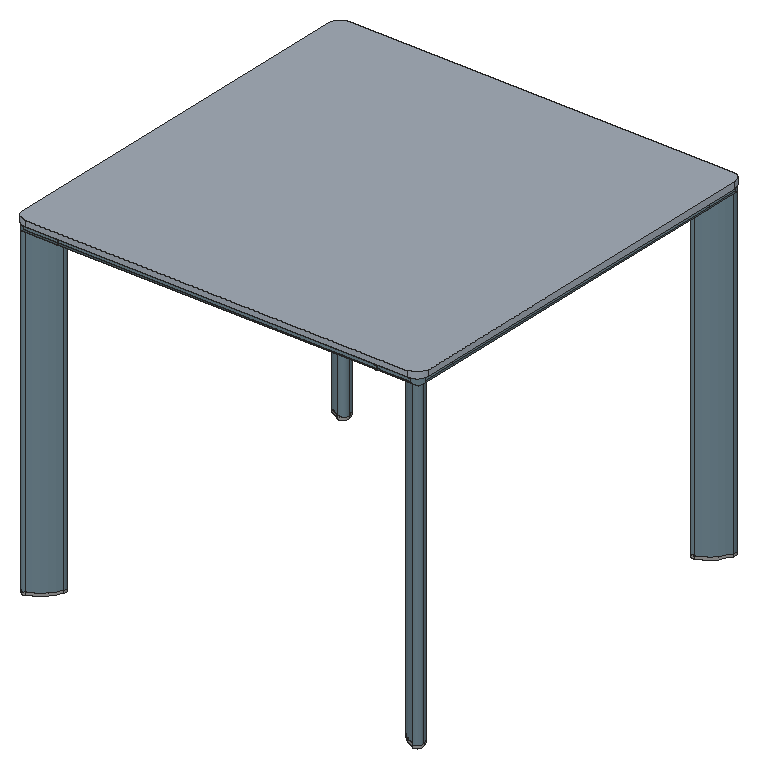
Revit family "FU_Table_Sandler_Laminar 0909", category Furniture, Revit 2020
Family settings
  OmniClass Number = 23.40.20.00
  OmniClass Title = General Furniture and Specialties
  Work Plane-Based = No
  Always vertical = Yes
  Cut with Voids When Loaded = No
  Shared = No
  Room Calculation Point = No
Parameters (values of type "Laminar 0909 (Dining Height)")
  Width = 900 mm
  URL = "https://www.sandlerseating.com/product/laminar-0909/"
  Top [instance] = Lacquer - W2 - B44
  Model = "Laminar 0909"
  Manufacturer = "Sandler"
  Height = 750 mm
  Frame [instance] = Epoxy - M2_B40
  Description = "90cm x 90cm / 36″ x 36″ table on epoxy painted frame."
  Depth = Width  # 900 mm
  Default Elevation = 0 mm
Types (4, lengths in mm): name | Top | Height | Frame
  (no name) | Lacquer - W2 - B44 | 750 | Epoxy - M2_B40
  Laminar 0909 (Dining Height) | Lacquer - W2 - B44 | 750 | Epoxy - M2_B40
  Laminar 0909 (Counter Height) | Wood - Oak - Wenge | 900 | Epoxy - M2_V16
  Laminar 0909 (Bar Height) | HPL - Solid - White | 1050 | Epoxy - M1_B00 - Black
Reference planes
  plane 1 "Center (Front/Back)": y = 0
  plane 2: z = 0
  plane 3 "Center (Left/Right)": x = 0
  plane 4 "Right": x = -450
  plane 5 "Left": x = 450
  plane 6 "Back": y = 450
  plane 7 "Front": y = -450
  plane 8 "Height": z = 750
  plane 9 "Top Frame Base": z = 737
  plane 10 "Frame Edge Right TOP": x = -355
  plane 11 "Frame Edge Left TOP": x = 355
  plane 12 "Frame Edge Front TOP": y = -355
  plane 13 "Frame Edge Back TOP": y = 355
  plane 14 "Right Leg C TOP": x = -412.984
  plane 15 "Back Leg C TOP": y = 412.984
  plane 16 "Front Leg C TOP": y = -412.984
  plane 17 "Left C TOP": x = 412.984
  plane 18 "Glide Height": z = 6
  plane 19 "Frame Base FRONT": z = 696.108
Forms (mm)
  Extrusion 1, solid, material "Lacquer - W2 - B44" <- "Top"
    sketch origin (0, 0, 750) x (-1, 0, 0) y (0, -1, 0)
      loop
        arc (425, -450) -> (442.678, -442.678) -> (450, -425) r 25
        line (450, -425) -> (450, 425)
        arc (450, 425) -> (442.678, 442.678) -> (425, 450) r 25
        line (425, 450) -> (-425, 450)
        arc (-425, 450) -> (-442.678, 442.678) -> (-450, 425) r 25
        line (-450, 425) -> (-450, -425)
        arc (-450, -425) -> (-442.678, -442.678) -> (-425, -450) r 25
        line (-425, -450) -> (425, -450)
    from 0 to -13
  Sweep 2, solid, material "Epoxy - M2_B40" <- "Frame"
    path origin (0, 0, 737) x (-1, 0, 0) y (0, -1, 0)
      loop
        line (-355, 450) -> (355, 450)
    profile "Pro_Laminar_Frame : Pro_Laminar_Frame" origin (0, -450, 737) x (0, -1, 0) y (0, 0, 1)
      loop
        arc (-78.25, 0) -> (-78.959, -0.294) -> (-79.252, -1.003) r 1.003
        line (-79.252, -1.003) -> (-79.252, -40.038)
        arc (-79.252, -40.038) -> (-78.971, -40.718) -> (-78.29, -41) r 0.962
        line (-78.29, -41) -> (-56.47, -41)
        arc (-56.47, -41) -> (-49.536, -40.019) -> (-43.146, -37.154) r 25
        line (-43.146, -37.154) -> (-3.835, -12.393)
        arc (-3.835, -12.393) -> (-2.123, -10.579) -> (-1.5, -8.162) r 5
        line (-1.5, -8.162) -> (-1.5, -0.534)
        arc (-1.5, -0.534) -> (-1.656, -0.156) -> (-2.034, 0) r 0.534
        line (-2.034, 0) -> (-78.25, 0)
  Sweep 3, solid, material "Epoxy - M2_B40" <- "Frame"
    path origin (0, 0, 737) x (-1, 0, 0) y (0, -1, 0)
      loop
        line (450, 355) -> (450, -355)
    profile "Pro_Laminar_Frame : Pro_Laminar_Frame" origin (-450, 0, 737) x (-1, 0, 0) y (0, 0, 1)
      loop
        arc (-78.25, 0) -> (-78.959, -0.294) -> (-79.252, -1.003) r 1.003
        line (-79.252, -1.003) -> (-79.252, -40.038)
        arc (-79.252, -40.038) -> (-78.971, -40.718) -> (-78.29, -41) r 0.962
        line (-78.29, -41) -> (-56.47, -41)
        arc (-56.47, -41) -> (-49.536, -40.019) -> (-43.146, -37.154) r 25
        line (-43.146, -37.154) -> (-3.835, -12.393)
        arc (-3.835, -12.393) -> (-2.123, -10.579) -> (-1.5, -8.162) r 5
        line (-1.5, -8.162) -> (-1.5, -0.534)
        arc (-1.5, -0.534) -> (-1.656, -0.156) -> (-2.034, 0) r 0.534
        line (-2.034, 0) -> (-78.25, 0)
  Sweep 4, solid, material "Epoxy - M2_B40" <- "Frame"
    path origin (0, 0, 737) x (-1, 0, 0) y (0, -1, 0)
      loop
        line (355, -450) -> (-355, -450)
    profile "Pro_Laminar_Frame : Pro_Laminar_Frame" origin (0, 450, 737) x (0, 1, 0) y (0, 0, 1)
      loop
        arc (-78.25, 0) -> (-78.959, -0.294) -> (-79.252, -1.003) r 1.003
        line (-79.252, -1.003) -> (-79.252, -40.038)
        arc (-79.252, -40.038) -> (-78.971, -40.718) -> (-78.29, -41) r 0.962
        line (-78.29, -41) -> (-56.47, -41)
        arc (-56.47, -41) -> (-49.536, -40.019) -> (-43.146, -37.154) r 25
        line (-43.146, -37.154) -> (-3.835, -12.393)
        arc (-3.835, -12.393) -> (-2.123, -10.579) -> (-1.5, -8.162) r 5
        line (-1.5, -8.162) -> (-1.5, -0.534)
        arc (-1.5, -0.534) -> (-1.656, -0.156) -> (-2.034, 0) r 0.534
        line (-2.034, 0) -> (-78.25, 0)
  Sweep 5, solid, material "Epoxy - M2_B40" <- "Frame"
    path origin (0, 0, 737) x (-1, 0, 0) y (0, -1, 0)
      loop
        line (-450, 355) -> (-450, -355)
    profile "Pro_Laminar_Frame : Pro_Laminar_Frame" origin (450, 0, 737) x (-1, 0, 0) y (0, 0, 1)
      loop
        line (78.25, 0) -> (2.034, 0)
        arc (2.034, 0) -> (1.656, -0.156) -> (1.5, -0.534) r 0.534
        line (1.5, -0.534) -> (1.5, -8.162)
        arc (1.5, -8.162) -> (2.123, -10.579) -> (3.835, -12.393) r 5
        line (3.835, -12.393) -> (43.146, -37.154)
        arc (43.146, -37.154) -> (49.536, -40.019) -> (56.47, -41) r 25
        line (56.47, -41) -> (78.29, -41)
        arc (78.29, -41) -> (78.971, -40.718) -> (79.252, -40.038) r 0.962
        line (79.252, -40.038) -> (79.252, -1.003)
        arc (79.252, -1.003) -> (78.959, -0.294) -> (78.25, 0) r 1.003
  Sweep 6, solid, material "Epoxy - M2_B40" <- "Frame"
    path origin (0, 412.984, 0) x (1, 0, 0) y (0, 0, 1)
      loop
        line (-412.984, 6) -> (-412.984, 737)
    profile "Pro_Laminar_Leg : Pro_Laminar_Leg" origin (-412.984, 412.984, 371.5) x (-1, 0, 0) y (0, -1, 0)
      loop
        arc (-16.792, 30.86) -> (-28.302, 28.302) -> (-30.86, 16.792) r 10.982
        arc (-30.86, 16.792) -> (-12.33, -12.33) -> (16.792, -30.86) r 79.547
        arc (16.792, -30.86) -> (28.302, -28.302) -> (30.86, -16.792) r 10.982
        arc (30.86, -16.792) -> (12.33, 12.33) -> (-16.792, 30.86) r 79.547
  Sweep 7, solid, material "Epoxy - M2_B40" <- "Frame"
    path origin (0, -412.984, 0) x (1, 0, 0) y (0, 0, 1)
      loop
        line (-412.984, 6) -> (-412.984, 737)
    profile "Pro_Laminar_Leg : Pro_Laminar_Leg" origin (-412.984, -412.984, 371.5) x (-1, 0, 0) y (0, -1, 0)
      loop
        arc (-30.86, -16.792) -> (-28.302, -28.302) -> (-16.792, -30.86) r 10.982
        arc (-16.792, -30.86) -> (12.33, -12.33) -> (30.86, 16.792) r 79.547
        arc (30.86, 16.792) -> (28.302, 28.302) -> (16.792, 30.86) r 10.982
        arc (16.792, 30.86) -> (-12.33, 12.33) -> (-30.86, -16.792) r 79.547
  Sweep 8, solid, material "Epoxy - M2_B40" <- "Frame"
    path origin (0, -412.984, 0) x (1, 0, 0) y (0, 0, 1)
      loop
        line (412.984, 6) -> (412.984, 737)
    profile "Pro_Laminar_Leg : Pro_Laminar_Leg" origin (412.984, -412.984, 371.5) x (-1, 0, 0) y (0, -1, 0)
      loop
        arc (-16.792, 30.86) -> (-28.302, 28.302) -> (-30.86, 16.792) r 10.982
        arc (-30.86, 16.792) -> (-12.33, -12.33) -> (16.792, -30.86) r 79.547
        arc (16.792, -30.86) -> (28.302, -28.302) -> (30.86, -16.792) r 10.982
        arc (30.86, -16.792) -> (12.33, 12.33) -> (-16.792, 30.86) r 79.547
  Sweep 9, solid, material "Epoxy - M2_B40" <- "Frame"
    path origin (0, 412.984, 0) x (1, 0, 0) y (0, 0, 1)
      loop
        line (412.984, 6) -> (412.984, 737)
    profile "Pro_Laminar_Leg : Pro_Laminar_Leg" origin (412.984, 412.984, 371.5) x (-1, 0, 0) y (0, -1, 0)
      loop
        arc (-30.86, -16.792) -> (-28.302, -28.302) -> (-16.792, -30.86) r 10.982
        arc (-16.792, -30.86) -> (12.33, -12.33) -> (30.86, 16.792) r 79.547
        arc (30.86, 16.792) -> (28.302, 28.302) -> (16.792, 30.86) r 10.982
        arc (16.792, 30.86) -> (-12.33, 12.33) -> (-30.86, -16.792) r 79.547
  Sweep 10, solid, material "Rubber, Black"
    path origin (0, 412.984, 0) x (1, 0, 0) y (0, 0, 1)
      loop
        line (412.984, 0) -> (412.984, 6)
    profile "Pro_Laminar_Leg : Pro_Laminar_Leg" origin (412.984, 412.984, 3) x (-1, 0, 0) y (0, -1, 0)
      loop
        arc (-30.86, -16.792) -> (-28.302, -28.302) -> (-16.792, -30.86) r 10.982
        arc (-16.792, -30.86) -> (12.33, -12.33) -> (30.86, 16.792) r 79.547
        arc (30.86, 16.792) -> (28.302, 28.302) -> (16.792, 30.86) r 10.982
        arc (16.792, 30.86) -> (-12.33, 12.33) -> (-30.86, -16.792) r 79.547
  Sweep 11, solid, material "Rubber, Black"
    path origin (0, 412.984, 0) x (1, 0, 0) y (0, 0, 1)
      loop
        line (-412.984, 0) -> (-412.984, 6)
    profile "Pro_Laminar_Leg : Pro_Laminar_Leg" origin (-412.984, 412.984, 3) x (-1, 0, 0) y (0, -1, 0)
      loop
        arc (-16.792, 30.86) -> (-28.302, 28.302) -> (-30.86, 16.792) r 10.982
        arc (-30.86, 16.792) -> (-12.33, -12.33) -> (16.792, -30.86) r 79.547
        arc (16.792, -30.86) -> (28.302, -28.302) -> (30.86, -16.792) r 10.982
        arc (30.86, -16.792) -> (12.33, 12.33) -> (-16.792, 30.86) r 79.547
  Sweep 12, solid, material "Rubber, Black"
    path origin (0, -412.984, 0) x (1, 0, 0) y (0, 0, 1)
      loop
        line (-412.984, 0) -> (-412.984, 6)
    profile "Pro_Laminar_Leg : Pro_Laminar_Leg" origin (-412.984, -412.984, 3) x (-1, 0, 0) y (0, -1, 0)
      loop
        arc (-30.86, -16.792) -> (-28.302, -28.302) -> (-16.792, -30.86) r 10.982
        arc (-16.792, -30.86) -> (12.33, -12.33) -> (30.86, 16.792) r 79.547
        arc (30.86, 16.792) -> (28.302, 28.302) -> (16.792, 30.86) r 10.982
        arc (16.792, 30.86) -> (-12.33, 12.33) -> (-30.86, -16.792) r 79.547
  Sweep 13, solid, material "Rubber, Black"
    path origin (0, -412.984, 0) x (1, 0, 0) y (0, 0, 1)
      loop
        line (412.984, 0) -> (412.984, 6)
    profile "Pro_Laminar_Leg : Pro_Laminar_Leg" origin (412.984, -412.984, 3) x (-1, 0, 0) y (0, -1, 0)
      loop
        arc (-16.792, 30.86) -> (-28.302, 28.302) -> (-30.86, 16.792) r 10.982
        arc (-30.86, 16.792) -> (-12.33, -12.33) -> (16.792, -30.86) r 79.547
        arc (16.792, -30.86) -> (28.302, -28.302) -> (30.86, -16.792) r 10.982
        arc (30.86, -16.792) -> (12.33, 12.33) -> (-16.792, 30.86) r 79.547
  Sweep 14, solid, material "Epoxy - M2_B40" <- "Frame"
    path origin (0, 0, 737) x (-1, 0, 0) y (0, -1, 0)
      loop
        line (-355, 448.5) -> (-448.5, 448.5) -> (-448.5, 355)
    profile "Pro_Laminar_Frame : Pro_Laminar_Frame" origin (401.75, -448.5, 737) x (0, 1, 0) y (0, 0, 1)
      loop
        line (76.75, 0) -> (0.534, 0)
        arc (0.534, 0) -> (0.156, -0.156) -> (0, -0.534) r 0.534
        line (0, -0.534) -> (0, -8.162)
        arc (0, -8.162) -> (0.623, -10.579) -> (2.335, -12.393) r 5
        line (2.335, -12.393) -> (41.646, -37.154)
        arc (41.646, -37.154) -> (48.036, -40.019) -> (54.97, -41) r 25
        line (54.97, -41) -> (76.79, -41)
        arc (76.79, -41) -> (77.471, -40.718) -> (77.752, -40.038) r 0.962
        line (77.752, -40.038) -> (77.752, -1.003)
        arc (77.752, -1.003) -> (77.459, -0.294) -> (76.75, 0) r 1.003
  Extrusion 15, void
    sketch origin (0, 0, 737) x (-1, 0, 0) y (0, -1, 0)
      loop
        line (-424.12, 449.12) -> (-424.12, 464.12) -> (-464.12, 464.12) -> (-464.12, 424.12) -> (-449.12, 424.12)
        arc (-449.12, 424.12) -> (-441.798, 441.798) -> (-424.12, 449.12) r 25
    from -40.892 to 13
  Sweep 16, solid, material "Epoxy - M2_B40" <- "Frame"
    path origin (0, 0, 737) x (1, 0, 0) y (0, -1, 0)
      loop
        line (-355, 448.5) -> (-448.5, 448.5) -> (-448.5, 355)
    profile "Pro_Laminar_Frame : Pro_Laminar_Frame" origin (-401.75, -448.5, 737) x (0, -1, 0) y (0, 0, 1)
      loop
        arc (-76.75, 0) -> (-77.459, -0.294) -> (-77.752, -1.003) r 1.003
        line (-77.752, -1.003) -> (-77.752, -40.038)
        arc (-77.752, -40.038) -> (-77.471, -40.718) -> (-76.79, -41) r 0.962
        line (-76.79, -41) -> (-54.97, -41)
        arc (-54.97, -41) -> (-48.036, -40.019) -> (-41.646, -37.154) r 25
        line (-41.646, -37.154) -> (-2.335, -12.393)
        arc (-2.335, -12.393) -> (-0.623, -10.579) -> (0, -8.162) r 5
        line (0, -8.162) -> (0, -0.534)
        arc (0, -0.534) -> (-0.156, -0.156) -> (-0.534, 0) r 0.534
        line (-0.534, 0) -> (-76.75, 0)
  Sweep 17, solid, material "Epoxy - M2_B40" <- "Frame"
    path origin (0, 0, 737) x (1, 0, 0) y (0, 1, 0)
      loop
        line (-355, 448.5) -> (-448.5, 448.5) -> (-448.5, 355)
    profile "Pro_Laminar_Frame : Pro_Laminar_Frame" origin (-401.75, 448.5, 737) x (0, -1, 0) y (0, 0, 1)
      loop
        line (76.75, 0) -> (0.534, 0)
        arc (0.534, 0) -> (0.156, -0.156) -> (0, -0.534) r 0.534
        line (0, -0.534) -> (0, -8.162)
        arc (0, -8.162) -> (0.623, -10.579) -> (2.335, -12.393) r 5
        line (2.335, -12.393) -> (41.646, -37.154)
        arc (41.646, -37.154) -> (48.036, -40.019) -> (54.97, -41) r 25
        line (54.97, -41) -> (76.79, -41)
        arc (76.79, -41) -> (77.471, -40.718) -> (77.752, -40.038) r 0.962
        line (77.752, -40.038) -> (77.752, -1.003)
        arc (77.752, -1.003) -> (77.459, -0.294) -> (76.75, 0) r 1.003
  Sweep 18, solid, material "Epoxy - M2_B40" <- "Frame"
    path origin (0, 0, 737) x (-1, 0, 0) y (0, 1, 0)
      loop
        line (-355, 448.5) -> (-448.5, 448.5) -> (-448.5, 355)
    profile "Pro_Laminar_Frame : Pro_Laminar_Frame" origin (401.75, 448.5, 737) x (0, 1, 0) y (0, 0, 1)
      loop
        arc (-76.75, 0) -> (-77.459, -0.294) -> (-77.752, -1.003) r 1.003
        line (-77.752, -1.003) -> (-77.752, -40.038)
        arc (-77.752, -40.038) -> (-77.471, -40.718) -> (-76.79, -41) r 0.962
        line (-76.79, -41) -> (-54.97, -41)
        arc (-54.97, -41) -> (-48.036, -40.019) -> (-41.646, -37.154) r 25
        line (-41.646, -37.154) -> (-2.335, -12.393)
        arc (-2.335, -12.393) -> (-0.623, -10.579) -> (0, -8.162) r 5
        line (0, -8.162) -> (0, -0.534)
        arc (0, -0.534) -> (-0.156, -0.156) -> (-0.534, 0) r 0.534
        line (-0.534, 0) -> (-76.75, 0)
  Extrusion 19, void
    sketch origin (0, 0, 737) x (1, 0, 0) y (0, 1, 0)
      loop
        arc (-424.12, -449.12) -> (-441.798, -441.798) -> (-449.12, -424.12) r 25
        line (-449.12, -424.12) -> (-464.12, -424.12) -> (-464.12, -464.12) -> (-424.12, -464.12) -> (-424.12, -449.12)
    from -40.892 to 13
  Extrusion 20, void
    sketch origin (0, 0, 737) x (1, 0, 0) y (0, 1, 0)
      loop
        line (-424.12, 449.12) -> (-424.12, 464.12) -> (-464.12, 464.12) -> (-464.12, 424.12) -> (-449.12, 424.12)
        arc (-449.12, 424.12) -> (-441.798, 441.798) -> (-424.12, 449.12) r 25
    from -40.892 to 13
  Extrusion 21, void
    sketch origin (0, 0, 737) x (-1, 0, 0) y (0, -1, 0)
      loop
        arc (-424.12, -449.12) -> (-441.798, -441.798) -> (-449.12, -424.12) r 25
        line (-449.12, -424.12) -> (-464.12, -424.12) -> (-464.12, -464.12) -> (-424.12, -464.12) -> (-424.12, -449.12)
    from -40.892 to 13
Cuts and joins
  Extrusion 20 cuts Sweep 17
  Extrusion 21 cuts Sweep 18
  Extrusion 15 cuts Sweep 14
  Extrusion 19 cuts Sweep 16
Dimensions and locks
  equal spacing: plane 4 "Right", plane 3 "Center (Left/Right)", plane 5 "Left"
  "Width": plane 4 "Right" to plane 5 "Left"
  equal spacing: plane 6 "Back", plane 1 "Center (Front/Back)", plane 7 "Front"
  "Depth": plane 6 "Back" to plane 7 "Front"
  "Height": plane 8 "Height" to level
  locked: plane 8 "Height" to plane 9 "Top Frame Base" at 13
  plane 4 "Right" to plane 14 "Right Leg C TOP" to plane 10 "Frame Edge Right TOP" = 37.016 mm locked, 57.984 mm locked
  plane 12 "Frame Edge Front TOP" to plane 16 "Front Leg C TOP" to plane 7 "Front" = 57.984 mm locked, 37.016 mm locked
  plane 6 "Back" to plane 15 "Back Leg C TOP" to plane 13 "Frame Edge Back TOP" = 37.016 mm locked, 57.984 mm locked
  plane 11 "Frame Edge Left TOP" to plane 17 "Left C TOP" to plane 5 "Left" = 57.984 mm locked, 37.016 mm locked
  locked: plane 18 "Glide Height" to plane 2 at 6
  aligned and locked: level to plane 2
  aligned and locked: plane 10 "Frame Edge Right TOP" to Sweep 2 sketch curve
  aligned and locked: plane 11 "Frame Edge Left TOP" to Sweep 2 sketch curve
  aligned and locked: plane 13 "Frame Edge Back TOP" to Sweep 3 sketch curve
  aligned and locked: plane 4 "Right" to Sweep 3 sketch curve
  aligned and locked: plane 10 "Frame Edge Right TOP" to Sweep 4 sketch curve
  aligned and locked: plane 11 "Frame Edge Left TOP" to Sweep 4 sketch curve
  aligned and locked: plane 13 "Frame Edge Back TOP" to Sweep 5 sketch curve
  aligned and locked: plane 12 "Frame Edge Front TOP" to Sweep 5 sketch curve
  aligned and locked: Extrusion 1 sketch curve to plane 4 "Right"
  aligned and locked: Extrusion 1 sketch curve to plane 6 "Back"
  aligned and locked: plane 7 "Front" to Extrusion 1 sketch curve
  aligned and locked: plane 5 "Left" to Extrusion 1 sketch curve
  aligned and locked: plane 9 "Top Frame Base" to Sweep 6 sketch curve
  aligned and locked: plane 18 "Glide Height" to Sweep 6 sketch curve
  aligned and locked: plane 9 "Top Frame Base" to Sweep 7 sketch curve
  aligned and locked: plane 18 "Glide Height" to Sweep 7 sketch curve
  aligned and locked: plane 9 "Top Frame Base" to Sweep 8 sketch curve
  aligned and locked: plane 18 "Glide Height" to Sweep 8 sketch curve
  aligned and locked: plane 9 "Top Frame Base" to Sweep 9 sketch curve
  aligned and locked: plane 18 "Glide Height" to Sweep 9 sketch curve
  aligned and locked: plane 18 "Glide Height" to Sweep 10 sketch curve
  aligned and locked: plane 2 to Sweep 10 sketch curve
  aligned and locked: plane 18 "Glide Height" to Sweep 11 sketch curve
  aligned and locked: plane 2 to Sweep 11 sketch curve
  aligned and locked: plane 2 to Sweep 12 sketch curve
  aligned and locked: plane 18 "Glide Height" to Sweep 12 sketch curve
  aligned and locked: plane 2 to Sweep 13 sketch curve
  aligned and locked: plane 18 "Glide Height" to Sweep 13 sketch curve
  aligned and locked: Extrusion 15 to plane 19 "Frame Base FRONT"
  aligned and locked: plane 8 "Height" to Extrusion 15
  aligned and locked: Sweep 18 to plane 11 "Frame Edge Left TOP"
  aligned and locked: Sweep 18 to plane 13 "Frame Edge Back TOP"
  aligned and locked: Sweep 14 to plane 12 "Frame Edge Front TOP"
  aligned and locked: Sweep 14 to plane 11 "Frame Edge Left TOP"
  aligned and locked: Sweep 16 to plane 10 "Frame Edge Right TOP"
  aligned and locked: Sweep 16 to plane 12 "Frame Edge Front TOP"
  aligned and locked: Sweep 17 to plane 13 "Frame Edge Back TOP"
  aligned and locked: Sweep 17 to plane 10 "Frame Edge Right TOP"
Automatic sketch dimensions
  Extrusion 1 sketch curve to plane 15 "Back Leg C TOP" = 12.016 mm
  Extrusion 1 sketch curve to plane 17 "Left C TOP" = 12.016 mm
  plane 14 "Right Leg C TOP" to Extrusion 1 sketch curve = 12.016 mm  (x2)
  Sweep 2 sketch curve to plane 7 "Front" = 0 mm
  plane 12 "Frame Edge Front TOP" to Sweep 3 sketch curve = 0 mm
  Sweep 4 sketch curve to plane 6 "Back" = 0 mm
  Sweep 5 sketch curve to plane 5 "Left" = 0 mm
  plane 14 "Right Leg C TOP" to Sweep 6 sketch curve = 0 mm
  plane 14 "Right Leg C TOP" to Sweep 7 sketch curve = 0 mm
  plane 17 "Left C TOP" to Sweep 8 sketch curve = 0 mm
  plane 17 "Left C TOP" to Sweep 9 sketch curve = 0 mm
  plane 17 "Left C TOP" to Sweep 10 sketch curve = 0 mm
  plane 14 "Right Leg C TOP" to Sweep 11 sketch curve = 0 mm
  plane 14 "Right Leg C TOP" to Sweep 12 sketch curve = 0 mm
  plane 17 "Left C TOP" to Sweep 13 sketch curve = 0 mm
  plane 12 "Frame Edge Front TOP" to Sweep 14 sketch curve = 0 mm
  Sweep 14 sketch curve to plane 11 "Frame Edge Left TOP" = 0 mm
  plane 5 "Left" to Sweep 14 sketch curve = 1.5 mm
  plane 7 "Front" to Sweep 14 sketch curve = 1.5 mm
  Extrusion 15 sketch curve to plane 5 "Left" = 14.12 mm
  plane 5 "Left" to Extrusion 15 sketch curve = 0.88 mm
  plane 7 "Front" to Extrusion 15 sketch curve = 0.88 mm
  Extrusion 15 sketch curve to plane 17 "Left C TOP" = 11.136 mm
  Extrusion 15 sketch curve to plane 7 "Front" = 14.12 mm
  plane 12 "Frame Edge Front TOP" to Sweep 16 sketch curve = 0 mm
  Sweep 16 sketch curve to plane 10 "Frame Edge Right TOP" = 0 mm
  plane 4 "Right" to Sweep 16 sketch curve = 1.5 mm
  Sweep 16 sketch curve to plane 7 "Front" = 1.5 mm
  Sweep 17 sketch curve to plane 13 "Frame Edge Back TOP" = 0 mm
  Sweep 17 sketch curve to plane 10 "Frame Edge Right TOP" = 0 mm
  Sweep 17 sketch curve to plane 4 "Right" = 1.5 mm
  Sweep 17 sketch curve to plane 6 "Back" = 1.5 mm
  Sweep 18 sketch curve to plane 13 "Frame Edge Back TOP" = 0 mm
  Sweep 18 sketch curve to plane 11 "Frame Edge Left TOP" = 0 mm
  Sweep 18 sketch curve to plane 5 "Left" = 1.5 mm
  plane 6 "Back" to Sweep 18 sketch curve = 1.5 mm
  Extrusion 19 sketch curve to plane 4 "Right" = 14.12 mm
  plane 4 "Right" to Extrusion 19 sketch curve = 0.88 mm
  Extrusion 19 sketch curve to plane 7 "Front" = 0.88 mm
  Extrusion 19 sketch curve to plane 14 "Right Leg C TOP" = 11.136 mm
  plane 7 "Front" to Extrusion 19 sketch curve = 14.12 mm
  plane 4 "Right" to Extrusion 20 sketch curve = 14.12 mm
  Extrusion 20 sketch curve to plane 4 "Right" = 0.88 mm
  Extrusion 20 sketch curve to plane 6 "Back" = 0.88 mm
  plane 14 "Right Leg C TOP" to Extrusion 20 sketch curve = 11.136 mm
  plane 6 "Back" to Extrusion 20 sketch curve = 14.12 mm
  plane 5 "Left" to Extrusion 21 sketch curve = 14.12 mm
  Extrusion 21 sketch curve to plane 5 "Left" = 0.88 mm
  plane 6 "Back" to Extrusion 21 sketch curve = 0.88 mm
  plane 17 "Left C TOP" to Extrusion 21 sketch curve = 11.136 mm
  Extrusion 21 sketch curve to plane 6 "Back" = 14.12 mm
